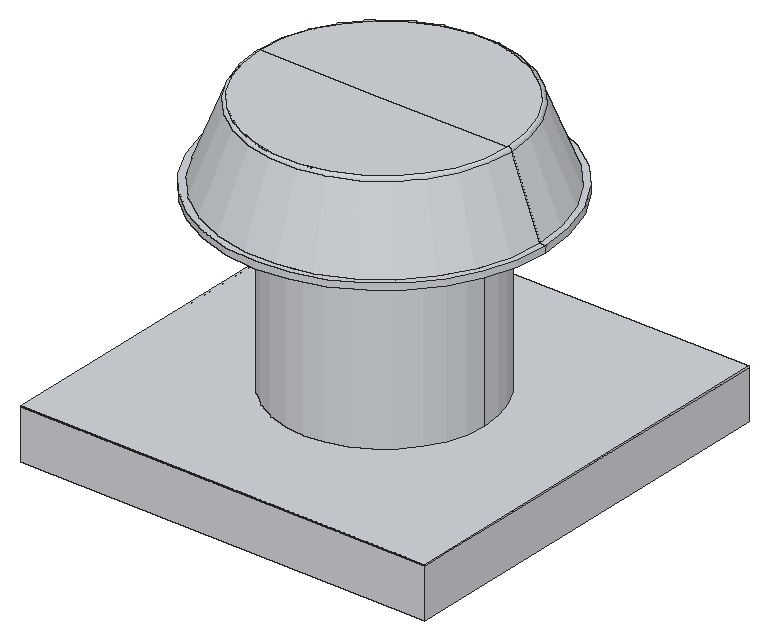
Revit family "GC-C", category Mechanical Equipment, Revit 2015
Parameters
  URL = "https://unitedenertech.com/catalog/pdf/B_10%20Gravity%20Cap%20(GC-C,%20GC-F).pdf"
  Type Comments = "See Chart on Submittal for Sizing"
  Radius 2 [instance] = Radius + 0' 0 13/256"  # 0' - 3 221/256"
  Radius [instance] = E / 2  # 0' - 3 13/16"
  Model = "GC-C"
  Manufacturer = "United Enertech Corporation"
  F = 0' - 9 7/8"
  E = 0' - 7 5/8"
  Description = "Gravity Roof Cap"
  D = 0' - 6 3/4"
  C = 0' - 1 7/8"
  B = 1' - 3 1/2"
  A = 0' - 11 7/8"
Reference planes (in)
  plane 1 "Center (Front/Back)": y = 0
  plane 2: z = 0
  plane 3 "Center (Left/Right)": x = 0
  plane 4: x = -7.75
  plane 5: y = 7.75
  plane 6: y = -7.75
  plane 7: x = 7.75
  plane 8: x = -3.8125
  plane 9: x = 3.8125
  plane 10: y = -5.9375
  plane 11: y = 5.9375
  plane 12: z = 0.05
  plane 13: z = 6.8
  plane 14: z = 9.925
  plane 15: z = 9.875
  plane 16: z = 9.625
  plane 17: x = 4.8125
  plane 18: x = -4.8125
  plane 19: z = 7.8
  plane 20: x = -5.9375
  plane 21: x = 5.9375
  plane 22: z = -1.875
  plane 23: x = -7.7
  plane 24: x = 7.7
  plane 25: y = 7.7
  plane 26: y = -7.7
Forms (in)
  Extrusion 1, solid
    sketch origin (0, 0, 0) x (1, 0, 0) y (0, 1, 0)
      loop
        line (-7.75, -7.75) -> (7.75, -7.75) -> (7.75, 7.75) -> (-7.75, 7.75) -> (-7.75, -7.75)
      loop
        circle (0, 0) r 3.8125
    from 0 to 0.05
  Extrusion 2, solid
    sketch origin (0, 0, 0) x (1, 0, 0) y (0, 1, 0)
      loop
        circle (0, 0) r 3.8125
      loop
        circle (0, 0) r 3.86328
    from 0.05 to 7.8
  Extrusion 3, solid, material "Aluminum"
    sketch origin (0, 0, 0) x (1, 0, 0) y (0, 1, 0)
      loop
        circle (0, 0) r 3.86328
      loop
        circle (0, 0) r 3.8125
    from 7.8 to 9.625
  Revolve 4, solid
    sketch origin (0, 0, 0) x (1, 0, 0) y (0, 0, 1)
      loop
        line (0, 9.875) -> (4.8125, 9.875) -> (5.9375, 6.8) -> (6.1875, 6.8) -> (6.1875, 7.05) -> (5.95638, 7.05) -> (4.87133, 9.81603)
        arc (4.87133, 9.81603) -> (4.82989, 9.89389) -> (4.74736, 9.925) r 0.125
        line (4.74736, 9.925) -> (0, 9.925) -> (0, 9.875)
      axis (0, 6.8) -> (0, 9.925)
    angle from 0 to 360
  Extrusion 5, solid
    sketch origin (0, 0, 0) x (1, 0, 0) y (0, 1, 0)
      loop
        line (-7.75, -7.75) -> (7.75, -7.75) -> (7.75, 7.75) -> (-7.75, 7.75) -> (-7.75, -7.75)
      loop
        line (-7.7, -7.7) -> (7.7, -7.7) -> (7.7, 7.7) -> (-7.7, 7.7) -> (-7.7, -7.7)
    from -1.875 to 0
Dimensions and locks (in)
  equal spacing: plane 4, plane 3 "Center (Left/Right)", plane 7
  "B": plane 4 to plane 7
  equal spacing: plane 5, plane 1 "Center (Front/Back)", plane 6
  "B": plane 5 to plane 6
  equal spacing: plane 8, plane 3 "Center (Left/Right)", plane 9
  "E": plane 8 to plane 9
  equal spacing: plane 10, plane 1 "Center (Front/Back)", plane 11
  "A": plane 10 to plane 11
  locked: plane 12 to level at 0.05
  "D": plane 13 to plane 12
  "F": plane 14 to plane 12
  locked: plane 14 to plane 15 at 0.05
  locked: plane 15 to plane 16 at 0.25
  locked: plane 18 to plane 8 at 1
  locked: plane 9 to plane 17 at 1
  locked: plane 19 to plane 13 at 1
  equal spacing: plane 20, plane 3 "Center (Left/Right)", plane 21
  "A": plane 20 to plane 21
  "C": level to plane 22
  locked: plane 4 to plane 23 at 0.05
  locked: plane 24 to plane 7 at 0.05
  locked: plane 5 to plane 25 at 0.05
  locked: plane 26 to plane 6 at 0.05
  "Radius": radius of Extrusion 1 sketch curve
  "Radius 2": radius of Extrusion 2 sketch curve
  "Radius": radius of Extrusion 2 sketch curve
  "Radius": radius of Extrusion 3 sketch curve
  "Radius 2": radius of Extrusion 3 sketch curve
  aligned and locked: level to plane 2
  aligned and locked: plane 5 to Extrusion 1 sketch curve
  aligned and locked: Extrusion 1 sketch curve to plane 6
  aligned and locked: Extrusion 1 sketch curve to plane 7
  aligned and locked: plane 4 to Extrusion 1 sketch curve
  aligned and locked: Extrusion 1 to level
  aligned and locked: plane 12 to Extrusion 1
  aligned and locked: Extrusion 2 to plane 12
  aligned and locked: plane 16 to Extrusion 3
  aligned and locked: Extrusion 3 to plane 19
  aligned and locked: Extrusion 2 to Extrusion 3
  aligned and locked: plane 3 "Center (Left/Right)" to Revolve 4 sketch curve
  aligned and locked: plane 17 to Revolve 4 sketch curve
  aligned and locked: plane 13 to Revolve 4 sketch curve
  aligned and locked: plane 21 to Revolve 4 sketch curve
  aligned and locked: plane 4 to Extrusion 5 sketch curve
  aligned and locked: plane 5 to Extrusion 5 sketch curve
  aligned and locked: Extrusion 5 sketch curve to plane 7
  aligned and locked: Extrusion 5 sketch curve to plane 6
  aligned and locked: plane 26 to Extrusion 5 sketch curve
  aligned and locked: Extrusion 5 sketch curve to plane 24
  aligned and locked: Extrusion 5 sketch curve to plane 23
  aligned and locked: plane 25 to Extrusion 5 sketch curve
  aligned and locked: level to Extrusion 5
  aligned and locked: Extrusion 5 to plane 22
Automatic sketch dimensions
  Revolve 4 sketch curve to plane 3 "Center (Left/Right)" = 0' - 0"
  Revolve 4 sketch curve to plane 14 = 0' - 0"
  Revolve 4 sketch curve to plane 15 = 0' - 0"
  plane 17 to Revolve 4 sketch curve = 0' - 0.06514"
  Revolve 4 sketch curve to plane 21 = 0' - 0.01888"
  Revolve 4 sketch curve to plane 21 = 0' - 0 1/4"
  plane 13 to Revolve 4 sketch curve = 0' - 0 1/4"
  Revolve 4 sketch curve to plane 15 = 0' - 0.075"
  Revolve 4 sketch curve to plane 17 = 0' - 0.05883"
  plane 19 to Revolve 4 sketch curve = 0' - 3 1/4"
  Revolve 4 sketch curve to Revolve 4 sketch curve = 0' - 3.71023"
  plane 1 "Center (Front/Back)" to Extrusion 1 sketch curve = 0' - 0"
  Extrusion 1 sketch curve to plane 3 "Center (Left/Right)" = 0' - 0"
  Extrusion 2 sketch curve to Extrusion 2 sketch curve = 0' - 0"  (x2)
  plane 1 "Center (Front/Back)" to Extrusion 2 sketch curve = 0' - 0"
  Extrusion 2 sketch curve to plane 3 "Center (Left/Right)" = 0' - 0"
  Extrusion 3 sketch curve to Extrusion 3 sketch curve = 0' - 0"  (x2)
  plane 1 "Center (Front/Back)" to Extrusion 3 sketch curve = 0' - 0"
  Extrusion 3 sketch curve to plane 3 "Center (Left/Right)" = 0' - 0"
